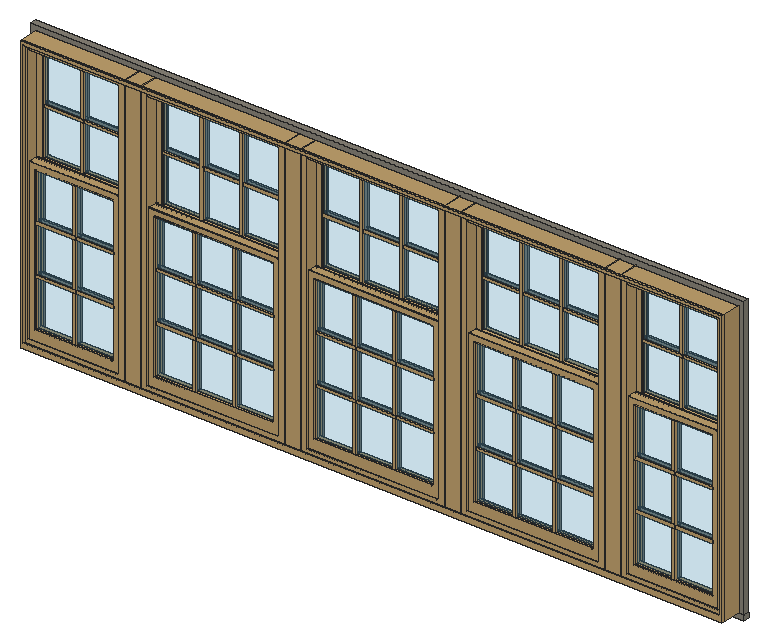
Revit family
Parameters (values of type "CUDH-NG3024/36")
  Window Type = "Clad Ultimate Double Hung-NG Cottage Style"
  Width Side Unit = Nominal Width Side Unit - 0' 0 3/4"  # 2' - 1 1/4"
  Width Center Unit = Nominal Width Center Unit - 0' 0 3/4"  # 2' - 11 1/4"
  Width Center = if(Mulled Units > 3, (Center Mulled Units Array * Center Width) + ((Center Mulled Units Array - 1) * Mull Space), if(Mulled Units = 3, Center Width, -Mull Space))  # 9' - 5 3/4"
  Void Offset_S = if(Subsill A217 Visibility, 0' 1 11/32", if(Subsill A246 Visibility, 0' 0 9/16", 0' 0"))  # 0' - 1 11/32"
  Void Offset = if(Flat Casing Visibility, 0' 3", if(BMC Visibility, 0' 1 5/16", 0' 0"))  # 0' - 1 5/16"
  Side Width = if(Standard Marvin Widths, Standard Width Side Unit, Width Side Unit)  # 2' - 1 1/4"
  Standard Width Side Unit = Calc_Width Side  # 2' - 1 1/4"
  Standard Glass Height = not(Custom Glass Height)  # yes
  Mulled Units Array = if(Mulled Units < 2, 2, Mulled Units)  # 5
  Mull Space Units = if(Mulled Units < 3, 2, (Mulled Units - 1))  # 4
  Mull Space Single Visibility = and(Mulled Units Array = 2, Mull Space > 0' 0 1/32")  # no
  Mull Space Array Visibility = and(Mulled Units Array > 2, Mull Space > 0' 0 1/32")  # yes
  Model Side CUDH-NG####/## = Glass Width Side_Calc * 10000 + Glass Top Sash * 100 + Glass Bottom Sash  # 202436
  Model Center CUDH-NG####/## = Glass Width Center_Calc * 10000 + Glass Top Sash * 100 + Glass Bottom Sash  # 302436
  Glass Width Side_Calc = (DLO Width Side + 0' 1 1/4") * 12 / 1' 0"  # 20
  Glass Width Center_Calc = (DLO Width Center + 0' 1 1/4") * 12 / 1' 0"  # 30
  Glass Top_Calc = Glass Height_Calc * Actual Ratio  # 24
  Glass Top Sash = if(Glass Top_Calc < 13, 12, if(Glass Top_Calc < 15, 14, if(Glass Top_Calc < 17, 16, if(Glass Top_Calc < 19, 18, if(Glass Top_Calc < 21, 20, if(Glass Top_Calc < 23, 22, if(Glass Top_Calc < 25, 24, if(Glass Top_Calc < 27, 26, if(Glass Top_Calc < 29, 28, if(Glass Top_Calc < 31, 30, if(Glass Top_Calc < 33, 32, if(Glass Top_Calc < 35, 34, if(Glass Top_Calc < 38, 36, if(Glass Top_Calc < 41, 40, if(Glass Top_Calc < 46, 42, if(Glass Top_Calc < 53, 50, 56))))))))))))))))  # 24
  Glass Height_Calc = (DLO Height + 0' 2 1/2") * 12 / 1' 0"  # 60
  Glass Height Top Sash = Glass Top Sash / 12 * 1' 0"  # 2' - 0"
  Glass Height Bottom Sash = Glass Bottom Sash / 12 * 1' 0"  # 3' - 0"
  Glass Bottom Sash = Glass Height_Calc - Glass Top Sash  # 36
  Description_Side = Calc_Side * 100 + (Nominal Height * 12 / 1' 0")  # 2668
  Description_Center = Calc_Center * 100 + (Nominal Height * 12 / 1' 0")  # 3668
  Custom Glass Height = no
  Note to User_Custom Ratio = "Enter number between 0.10 and 0.90"  # constant formula
  Custom Ratio = 0.4
  Calc_Side = Calc_Width Side * 12 / 1' 0" + 1  # 26
  Calc_Center = Calc_Width Center * 12 / 1' 0" + 1  # 36
  C_Ratio Constraint = if(Custom Ratio < 0.1, 0.1, if(Custom Ratio > 0.9, 0.9, Custom Ratio))  # 0.4
  Actual Ratio = if(Option Choice = 1, 0.4, if(Option Choice = 2, 0.6, C_Ratio Constraint))  # 0.4
  Cottage (0.40) Option 1 = Option Choice = 1  # yes
  Reverse Cottage (0.60) Option 2 = Option Choice = 2  # no
  Custom Ratio Option 3 = Option Choice = 3  # no
  Note to User_Option Choice = "Enter Option Choice 1-3"  # constant formula
  Option Choice = 1
  Option Choice Constraint = if(Option Choice > 3, 3, if(Option Choice < 1, 1, Option Choice))  # 1
  Muntins Interior Center Single = and(Muntins Interior Visibility, Center Single Visibility)  # no
  Muntins Interior Center Array = and(Muntins Interior Visibility, Center Array Visibility)  # yes
  Muntins Exterior Center Single = and(Muntins Exterior Visibility, Center Single Visibility)  # no
  Muntins Exterior Center Array = and(Muntins Exterior Visibility, Center Array Visibility)  # yes
  Lites Wide Top Sash Side = 2
  Lites Wide Top Sash Center = 3
  Lites Wide Bottom Sash Side = 2
  Lites Wide Bottom Sash Center = 3
  Label_Center Visibility = and(Label Visibility, Center Units > 0)  # no
  Label Egress Side = if(and(and(Clear Opening Width Side > 1' 8", Clear Opening Height > 2' 0"), Egress Area Side > 5.70 SF), "EGRESS WDW", "")  # ""
  Egress Area Center = Clear Opening Width Center * Clear Opening Height  # 4.97377 SF
  Clear Opening Width Side = DLO Width Side + 0' 2 29/32"  # 1' - 9 21/32"
  Egress Area Side = Clear Opening Width Side * Clear Opening Height  # 3.40259 SF
  Center Width = if(Standard Marvin Widths, Standard Width Center Unit, Width Center Unit)  # 2' - 11 1/4"
  Standard Width Center Unit = Calc_Width Center  # 2' - 11 1/4"
  Standard Marvin Widths = yes
  Side Units = 2  # constant formula
  Nominal Width Side Unit = 2' - 2"
  Nominal Width Center Unit = 3' - 0"
  Mulled Units = 5
  Interior Material = Wood-Marvin-Pine
  Frame = "Aluminum Clad"
  Egress Window = if(or(and(and(Clear Opening Width Center > 1' 8", Clear Opening Height > 2' 0"), Egress Area Center > 5.70 SF), and(and(Clear Opening Width Side > 1' 8", Clear Opening Height > 2' 0"), Egress Area Side > 5.70 SF)), "Yes", "No")  # "No"
  Disclaimer line1 [instance] = "Verify assembly availability"  # constant formula
  Disclaimer line2 [instance] = "with a Marvin representative"  # constant formula
  DLO Width Side = Side Width - 0' 6 1/2"  # 1' - 6 3/4"
  Clear Opening Width Center = DLO Width Center + 0' 2 29/32"  # 2' - 7 21/32"
  Clear Opening Height = if(DLO Height Top Sash < DLO Height Bottom Sash, DLO Height Top Sash - 0' 0 1/8", DLO Height Bottom Sash - 0' 0 1/8")  # 1' - 10 5/8"
  URL = "www.marvin.com"
  Subsill Height = if(Subsill A217 Visibility, 0' 1 11/32", 0' 0 9/16")  # 0' - 1 11/32"
  Subsill A246 Visibility = and(Subsill Visibility, Subsill A246)  # no
  Subsill A217 Visibility = and(Subsill Visibility, Subsill A217)  # yes
  Space = if(Mull Space > 0' 0 1/32", Mull Space, 0' 0 1/32")  # 0' - 4"
  Prairie Corner Width = 0' - 4"
  Prairie Corner Height = 0' - 4"
  Nominal Height = 5' - 8"
  Muntins Interior Finish = Wood-Marvin-Pine
  Muntins Exterior Finish = Aluminum-Marvin-Bronze
  Center Units = Mulled Units - Side Units  # 3
  Center Single Visibility = Mulled Units = 3  # no
  Center Mulled Units Array = if(Center Units < 2, 2, Center Units)  # 3
  Center Mull Space Units = if(Mulled Units < 3, 2, Mulled Units - 1)  # 4
  Mull Space = 0' - 4"
  Model = "CUDH-NG3024/36"
  Manufacturer = "Marvin Windows and Doors"
  Lites High Top Sash = 2
  Lites High Bottom Sash = 3
  Lite Cut Prairie 9 = no
  Lite Cut HV Grid = not(Lite Cut Prairie 9)  # yes
  Label Visibility = no
  Label Egress Center = if(and(and(Clear Opening Width Center > 1' 8", Clear Opening Height > 2' 0"), Egress Area Center > 5.70 SF), "EGRESS WDW", "")  # ""
  Glazing Material = Glass-Marvin-IG Low E II with Argon
  Glass Type = "IG Low E II with Argon"
  Flat Casing Visibility = and(Casing Visibility, Flat Casing)  # no
  Family created by = "www.rbuiltcomponents.com"
  Rough Width = Width + 0' 1"  # 14' - 5 1/4"
  Rough Height = Height + 0' 0 1/2"  # 5' - 8"
  Muntins Interior Visibility = yes
  Muntins Exterior Visibility = yes
  Jamb Extension Visibility = yes
  Inset to Installation Flange [instance] = 0' - 1"
  Height = Nominal Height - 0' 0 1/2"  # 5' - 7 1/2"
  Design Pressure = "DP50"
  Description = "3668 DBHG CTTG"
  Default Head Height = 8' - 0"
  Wall Closure = (empty or 0)
  Width = Width Center + 2 * (Side Width + Mull Space)  # 14' - 4 1/4"
  Daylight Area = (DLO Width Center * DLO Height * Center Units) + (DLO Width Side * DLO Height * 2)  # 49.4141 SF
  DLO Width Center = Center Width - 0' 6 1/2"  # 2' - 4 3/4"
  DLO Height Top Sash = if(Standard Glass Height, Glass Height Top Sash - 0' 1 1/4", DLO Height * C_Ratio Constraint)  # 1' - 10 3/4"
  DLO Height Bottom Sash = DLO Height - DLO Height Top Sash  # 2' - 10 3/4"
  DLO Height = Height - 0' 10"  # 4' - 9 1/2"
  Cladding Material = Aluminum-Marvin-Bronze
  Center_Center = Center Width / 2  # 1' - 5 5/8"
  Center Array Visibility = Mulled Units > 3  # yes
  Calc_Width Center = if(Width Center Unit < 2' 0", 1' 9 1/4", if(Width Center Unit < 2' 4", 2' 1 1/4", if(Width Center Unit < 2' 7", 2' 5 1/4", if(Width Center Unit < 2' 9", 2' 7 1/4", if(Width Center Unit < 2' 11", 2' 9 1/4", if(Width Center Unit < 3' 1", 2' 11 1/4", if(Width Center Unit < 3' 4", 3' 1 1/4", if(Width Center Unit < 3' 7", 3' 5 1/4", if(Width Center Unit < 3' 11", 3' 9 1/4", if(Width Center Unit < 4' 4", 4' 1 1/4", if(Width Center Unit < 4' 9", 4' 5 1/4", 4' 11 1/4")))))))))))  # 2' - 11 1/4"
  Calc_Width Side = if(Width Side Unit < 2' 0", 1' 9 1/4", if(Width Side Unit < 2' 4", 2' 1 1/4", if(Width Side Unit < 2' 7", 2' 5 1/4", if(Width Side Unit < 2' 9", 2' 7 1/4", if(Width Side Unit < 2' 11", 2' 9 1/4", if(Width Side Unit < 3' 1", 2' 11 1/4", if(Width Side Unit < 3' 4", 3' 1 1/4", if(Width Side Unit < 3' 7", 3' 5 1/4", if(Width Side Unit < 3' 11", 3' 9 1/4", if(Width Side Unit < 4' 4", 4' 1 1/4", if(Width Side Unit < 4' 9", 4' 5 1/4", 59' 3")))))))))))  # 2' - 1 1/4"
  BMC Visibility = and(Casing Visibility, BMC)  # yes
  Assembly Code = ""
  Casing Visibility = yes
  BMC = yes
  Flat Casing = not(BMC)  # no
  Subsill Visibility = yes
  Subsill A246 = no
  Subsill A217 = not(Subsill A246)  # yes
Reference planes (in)
  plane 1 "Center (Front/Back)": y = 0
  plane 2: z = 0
  plane 3 "Center (Left/Right)": x = -2.0625
  plane 4 "Sill": z = 28.5
  plane 5 "Top": z = 96
  plane 6: x = -41.3125
  plane 7: x = 37.1875
  plane 8 "L_Center": x = -58.9375
  plane 9 "R_Center": x = 54.8125
  plane 10 "Inset": y = 2
  plane 11 "Jamb Ext face": y = -2.5625
  plane 12 "Glazing": y = 1.4375
  plane 13: z = 92.78125
  plane 14: z = 33.34375
  plane 15: z = 70.03125
  plane 16: z = 68.15625
  plane 17: z = 81.40625
  plane 18: z = 50.75
  plane 19 "Glazing 2": y = -0.8125
  plane 20: y = -2.59375
  plane 21: x = 85.375
  plane 22: x = -89.5
  plane 23: z = 97.3125
  plane 24: z = 27.15625
  plane 25: y = 0.46875
  plane 26: y = -1.78125
  plane 27 "Left": x = -88.1875
  plane 28 "Right": x = 84.0625
  plane 29: x = -62.9375
  plane 30: x = 58.8125
  plane 31: x = -75.5625
  plane 32: x = 71.4375
Forms (in)
  Extrusion 1, solid, material "Wood-Marvin-Pine" <- "Interior Material", visible <- "Jamb Extension Visibility", detail levels medium+fine
    sketch origin (0, -2.5625, 0) x (1, 0, 0) y (0, 0, 1)
      loop
        line (-88.1875, 96) -> (-88.1875, 28.5) -> (84.0625, 28.5) -> (84.0625, 96) -> (-88.1875, 96)
      loop
        line (-87.5, 95.3125) -> (-87.5, 29.8125) -> (83.375, 29.8125) -> (83.375, 95.3125) -> (-87.5, 95.3125)
    from 0.03125 to 0.4375
  Extrusion 2, void
    sketch origin (0, 0, 0) x (1, 0, 0) y (0, 1, 0)
      loop
        line (-88.1875, 2) -> (-88.1875, -3) -> (84.0625, -3) -> (84.0625, 2) -> (-88.1875, 2)
    from 28.5 to 96
  Extrusion 3, void
    sketch origin (0, 0, 0) x (1, 0, 0) y (0, 1, 0)
      loop
        line (-89.5, 3.125) -> (-89.5, 2) -> (85.375, 2) -> (85.375, 3.125) -> (-89.5, 3.125)
    from 27.15625 to 97.3125
Lines and regions (in)
  Masking region 1, visible <- "Jamb Extension Visibility"
    outline origin (0, 0, 28.5) x (0, -1, 0) y (1, 0, 0)
      loop
        line (2.59375, -88.1875) -> (3, -88.1875) -> (3, 84.0625) -> (2.59375, 84.0625) -> (2.59375, -88.1875)
  Masking region 2
    outline origin (-2.0625, 0, 0) x (0, 1, 0) y (0, 0, 1)
      loop
        line (3.09375, 96) -> (-2.5625, 96) -> (-2.5625, 28.5) -> (3.09375, 28.5) -> (3.09375, 96)
  Masking region 3, visible <- "Jamb Extension Visibility"
    outline origin (-2.0625, 0, 0) x (0, 1, 0) y (0, 0, 1)
      loop
        line (-2.59375, 96) -> (-3, 96) -> (-3, 28.5) -> (-2.59375, 28.5) -> (-2.59375, 96)
  symbolic lines, style "WindowsFrameMullionProjection", detail levels coarse+medium
    curve 1: line (0, 3.09375, 96) -> (0, 3.09375, 95.31314)
    curve 2: line (0, 3.09375, 95.31314) -> (0, -2.5625, 95.31314)
    curve 3: line (0, -2.5625, 95.31314) -> (0, -2.5625, 96)
    curve 4: line (0, 3.09375, 28.5) -> (0, 3.09375, 29.0889)
    curve 5: line (0, 3.09375, 29.0889) -> (0, -1.3125, 30.1875)
    curve 6: line (0, -2.5625, 30.1875) -> (0, -2.5625, 28.5)
    curve 7: line (0, -1.3125, 30.1875) -> (0, -2.5625, 30.1875)
    curve 8: line (0, -0.46875, 33.34375) -> (0, -0.46875, 68.15625)
    curve 9: line (0, -2.21875, 33.34375) -> (0, -2.21875, 68.15625)
    curve 10: line (0, -0.46875, 29.97713) -> (0, -0.46875, 33.34375)
    curve 11: line (0, -0.46875, 33.34375) -> (0, -2.21875, 33.34375)
    curve 12: line (0, -2.21875, 33.34375) -> (0, -2.21875, 30.1875)
    curve 13: line (0, -0.46875, 68.15625) -> (0, -0.46875, 68.28125)
    curve 14: line (0, -0.1875, 69.8125) -> (0, -2.21875, 69.8125)
    curve 15: line (0, -2.21875, 69.8125) -> (0, -2.21875, 68.15625)
    curve 16: line (0, -0.46875, 68.15625) -> (0, -2.21875, 68.15625)
    curve 18: line (0, 1.78125, 70.03125) -> (0, 1.78125, 92.78125)
    curve 19: line (0, 0.03125, 92.78125) -> (0, 0.03125, 70.03125)
    curve 20: line (0, 1.78125, 95.31314) -> (0, 1.78125, 92.78125)
    curve 21: line (0, 0.03125, 92.78125) -> (0, 0.03125, 95.31314)
    curve 22: line (0, 0.03125, 92.78125) -> (0, 1.78125, 92.78125)
    curve 23: line (0, 1.78125, 70.03125) -> (0, 0.03125, 70.03125)
    curve 24: line (0, 0.03125, 70.03125) -> (0, 0.03125, 69.81224)
    curve 25: line (0, -0.09375, 68.28125) -> (0, 1.78125, 68.28125)
    curve 26: line (0, 1.78125, 68.28125) -> (0, 1.78125, 70.03125)
    curve 28: line (0, -0.09375, 68.28125) -> (0, -0.09375, 69.81224)
    curve 29: line (0, -0.09375, 69.81224) -> (0, 0.03125, 69.81224)
    curve 30: line (0, -0.1875, 68.28125) -> (0, -0.1875, 69.8125)
    curve 31: line (0, -0.1875, 68.28125) -> (0, -0.46875, 68.28125)
    curve 48: line (-2.0625, -3, 28.5) -> (-2.0625, 3.09375, 28.5)
    curve 49: line (-2.0625, -3, 96) -> (-2.0625, 3.09375, 96)
  symbolic lines, style "WindowsGlassProjection", detail levels coarse+medium
    curve 17: line (0, -1.34375, 68.15625) -> (0, -1.34375, 33.34375)
    curve 27: line (0, 0.90625, 70.03125) -> (0, 0.90625, 92.78125)
  symbolic lines, style "WindowsFrameMullionProjection", visible <- "Jamb Extension Visibility", detail levels coarse+medium
    curve 32: line (-2.0625, -2.59375, 29.8125) -> (-2.0625, -3, 29.8125)
    curve 33: line (-2.0625, -3, 29.8125) -> (-2.0625, -3, 28.5)
    curve 36: line (-2.0625, -2.59375, 95.3125) -> (-2.0625, -3, 95.3125)
    curve 37: line (-2.0625, -3, 95.3125) -> (-2.0625, -3, 96)
    curve 40: line (-88.1875, -3, 0) -> (-87.5, -3, 0)
    curve 41: line (-87.5, -3, 0) -> (-87.5, -2.59375, 0)
    curve 44: line (84.0625, -3, 0) -> (83.375, -3, 0)
    curve 45: line (83.375, -3, 0) -> (83.375, -2.59375, 0)
  symbolic lines, style "Jamb Extension", visible <- "Jamb Extension Visibility", detail levels fine
    curve 34: line (-2.0625, -2.59375, 29.8125) -> (-2.0625, -3, 29.8125)
    curve 35: line (-2.0625, -3, 29.8125) -> (-2.0625, -3, 28.5)
    curve 38: line (-2.0625, -2.59375, 95.3125) -> (-2.0625, -3, 95.3125)
    curve 39: line (-2.0625, -3, 95.3125) -> (-2.0625, -3, 96)
    curve 42: line (-88.1875, -3, 0) -> (-87.5, -3, 0)
    curve 43: line (-87.5, -3, 0) -> (-87.5, -2.59375, 0)
    curve 46: line (84.0625, -3, 0) -> (83.375, -3, 0)
    curve 47: line (83.375, -3, 0) -> (83.375, -2.59375, 0)
Text (in)
  text "EXTERIOR" at (-58.6888, 50.90694, 0), in view "Ref. Level"
  text "INTERIOR" at (-58.6888, -37.76638, 0), in view "Ref. Level"
  text "Exterior" at (0, 43.65631, 123.19604), in view "Left"
  text "Exterior" at (0, 18.29385, 125.04747), in view "Right"
Dimensions and locks (in)
  "Height": plane 4 "Sill" to plane 5 "Top"
  "Default Head Height": plane 2 to plane 5 "Top"
  "Width": plane 27 "Left" to plane 28 "Right"
  "Inset to Installation Flange": plane 10 "Inset" to host wall
  locked: plane 11 "Jamb Ext face" to plane 10 "Inset" at 4.5625
  nested 1 to host wall = 1' - 0"
  "Center_Center": plane 8 "L_Center" to plane 6
  "Center_Center": plane 7 to plane 9 "R_Center"
  locked: plane 12 "Glazing" to plane 10 "Inset" at 0.5625
  equal spacing: plane 27 "Left", plane 3 "Center (Left/Right)", plane 28 "Right"
  equal spacing: group 1, group 3, group 4, group 2  (x3)
  locked: plane 13 to plane 5 "Top" at 3.21875
  locked: plane 4 "Sill" to plane 14 at 4.84375
  "DLO Height Top Sash": plane 15 to plane 13
  locked: plane 16 to plane 15 at 1.875
  equal spacing: plane 15, plane 17, plane 13
  equal spacing: plane 14, plane 18, plane 16
  locked: plane 19 "Glazing 2" to plane 10 "Inset" at 2.8125
  locked: plane 5 "Top" to Extrusion 1 sketch curve at 0.6875
  locked: Extrusion 1 sketch curve to plane 28 "Right" at 0.6875
  locked: Extrusion 1 sketch curve to plane 27 "Left" at 0.6875
  locked: Extrusion 1 sketch curve to plane 4 "Sill" at 1.3125
  locked: plane 20 to plane 11 "Jamb Ext face" at 0.03125
  "Void Offset": plane 22 to plane 27 "Left"
  "Void Offset": plane 28 "Right" to plane 21
  "Void Offset": plane 5 "Top" to plane 23
  "Void Offset_S": plane 24 to plane 4 "Sill"
  locked: Extrusion 3 sketch curve to host wall at 0.125
  locked: plane 25 to plane 12 "Glazing" at 0.96875
  locked: plane 26 to plane 19 "Glazing 2" at 0.96875
  locked: curve 49 to plane 10 "Inset" at 1.09375
  locked: curve 48 to plane 10 "Inset" at 1.09375
  "Mull Space": plane 29 to plane 8 "L_Center"
  "Mull Space": plane 9 "R_Center" to plane 30
  equal spacing: plane 27 "Left", plane 31, plane 29
  equal spacing: plane 30, plane 32, plane 28 "Right"
  "Side Width": plane 27 "Left" to plane 29
  "Side Width": plane 30 to plane 28 "Right"
  equal spacing: group 5, group 7, group 6  (x3)
  equal spacing: group 8, group 10, group 9  (x2)
  equal spacing: group 9, group 10, group 8
  equal spacing: group 11, group 13, group 12  (x3)
  aligned and locked: plane 3 "Center (Left/Right)" to nested 1
  aligned and locked: plane 10 "Inset" to nested 2
  aligned and locked: plane 6 to nested 2
  aligned and locked: nested 4 to plane 6
  aligned and locked: plane 6 to nested 3
  aligned and locked: plane 10 "Inset" to nested 5
  aligned and locked: plane 4 "Sill" to nested 5
  aligned and locked: plane 10 "Inset" to nested 6
  aligned and locked: plane 4 "Sill" to nested 6
  aligned and locked: Masking region 1 sketch curve to host wall
  aligned and locked: plane 6 to nested 8
  aligned and locked: plane 10 "Inset" to nested 8
  aligned and locked: nested 8 to plane 4 "Sill"
  aligned and locked: nested 4 to plane 17
  aligned and locked: plane 17 to nested 3
  aligned and locked: nested 7 to plane 5 "Top"
  aligned and locked: curve 6 to plane 11 "Jamb Ext face"
  aligned and locked: plane 14 to curve 11
  aligned and locked: curve 23 to plane 15
  aligned and locked: curve 16 to plane 16
  aligned and locked: plane 11 "Jamb Ext face" to curve 3
  aligned and locked: curve 22 to plane 13
  aligned and locked: plane 5 "Top" to Masking region 2 sketch curve
  aligned and locked: Masking region 2 sketch curve to plane 4 "Sill"
  aligned and locked: Masking region 2 sketch curve to plane 11 "Jamb Ext face"
  aligned and locked: Extrusion 1 sketch curve to plane 5 "Top"
  aligned and locked: Extrusion 1 sketch curve to plane 4 "Sill"
  aligned and locked: host wall to Extrusion 1
  aligned and locked: plane 5 "Top" to Masking region 3 sketch curve
  aligned and locked: Masking region 3 sketch curve to plane 4 "Sill"
  aligned and locked: plane 20 to Masking region 3 sketch curve
  aligned and locked: Masking region 3 sketch curve to host wall
  aligned and locked: curve 32 to Extrusion 1
  aligned and locked: Extrusion 1 to curve 32
  aligned and locked: curve 34 to Extrusion 1
  aligned and locked: host wall to curve 35
  aligned and locked: Extrusion 1 to curve 38
  aligned and locked: curve 38 to Extrusion 1
  aligned and locked: Extrusion 1 to curve 41
  aligned and locked: Extrusion 1 to curve 43
  aligned and locked: Extrusion 1 to curve 45
  aligned and locked: Extrusion 1 to curve 47
  aligned and locked: Extrusion 1 to plane 20
  aligned and locked: plane 20 to Masking region 1 sketch curve
  aligned and locked: plane 3 "Center (Left/Right)" to nested 9
  aligned and locked: plane 10 "Inset" to nested 9
  aligned and locked: nested 9 to plane 4 "Sill"
  aligned and locked: plane 10 "Inset" to Extrusion 2 sketch curve
  aligned and locked: Extrusion 2 sketch curve to host wall
  aligned and locked: Extrusion 2 to plane 5 "Top"
  aligned and locked: Extrusion 2 to plane 4 "Sill"
  aligned and locked: plane 22 to Extrusion 3 sketch curve
  aligned and locked: Extrusion 3 sketch curve to plane 21
  aligned and locked: Extrusion 3 sketch curve to plane 10 "Inset"
  aligned and locked: Extrusion 3 to plane 23
  aligned and locked: plane 24 to Extrusion 3
  aligned and locked: Masking region 2 sketch curve to nested 7
  aligned and locked: curve 21 to nested 7
  aligned and locked: curve 20 to nested 7
  aligned and locked: curve 1 to nested 7
  aligned and locked: curve 26 to nested 7
  aligned and locked: nested 7 to curve 25
  aligned and locked: curve 15 to nested 7
  aligned and locked: curve 14 to nested 7
  aligned and locked: curve 13 to nested 7
  aligned and locked: curve 29 to nested 7
  aligned and locked: curve 28 to nested 7
  aligned and locked: curve 30 to nested 7
  aligned and locked: curve 31 to nested 7
  aligned and locked: curve 10 to nested 7
  aligned and locked: curve 12 to nested 7
  aligned and locked: curve 7 to nested 7
  aligned and locked: curve 5 to nested 7
  aligned and locked: nested 7 to curve 4
  aligned and locked: plane 12 "Glazing" to nested 4
  aligned and locked: plane 25 to nested 3
  aligned and locked: nested 7 to plane 10 "Inset"
  aligned and locked: plane 5 "Top" to curve 49
  aligned and locked: curve 2 to nested 7
  aligned and locked: plane 27 "Left" to nested 10
  aligned and locked: plane 10 "Inset" to nested 10
  aligned and locked: plane 28 "Right" to nested 11
  aligned and locked: nested 11 to plane 10 "Inset"
  aligned and locked: Extrusion 2 sketch curve to plane 28 "Right"
  aligned and locked: plane 27 "Left" to Extrusion 2 sketch curve
  aligned and locked: plane 17 to nested 12
  aligned and locked: nested 12 to nested 3
  aligned and locked: plane 12 "Glazing" to nested 13
  aligned and locked: nested 13 to plane 31
  aligned and locked: nested 13 to plane 17
  aligned and locked: nested 14 to plane 31
  aligned and locked: nested 14 to plane 18
  aligned and locked: plane 31 to nested 15
  aligned and locked: plane 18 to nested 15
  aligned and locked: plane 19 "Glazing 2" to nested 14
  aligned and locked: nested 17 to plane 32
  aligned and locked: nested 18 to plane 32
  aligned and locked: plane 17 to nested 17
  aligned and locked: plane 18 to nested 18
  aligned and locked: plane 32 to nested 16
  aligned and locked: plane 32 to nested 19
  aligned and locked: nested 16 to plane 17
  aligned and locked: nested 19 to plane 18
  aligned and locked: nested 17 to plane 12 "Glazing"
  aligned and locked: nested 18 to plane 19 "Glazing 2"
  aligned and locked: plane 32 to nested 20
  aligned and locked: plane 10 "Inset" to nested 20
  aligned and locked: plane 31 to nested 21
  aligned and locked: nested 21 to plane 10 "Inset"
  aligned and locked: Extrusion 1 sketch curve to plane 28 "Right"
  aligned and locked: plane 27 "Left" to Extrusion 1 sketch curve
  aligned and locked: plane 27 "Left" to Masking region 1 sketch curve
  aligned and locked: Masking region 1 sketch curve to plane 28 "Right"
  aligned and locked: curve 46 to Masking region 1
  aligned and locked: curve 42 to Masking region 1
  aligned and locked: plane 31 to nested 12
  aligned and locked: plane 29 to nested 5
  aligned and locked: plane 30 to nested 6
  aligned and locked: plane 31 to nested 22
  aligned and locked: nested 23 to nested 1
  aligned and locked: plane 32 to nested 23
  aligned and locked: nested 22 to nested 1
  aligned and locked: plane 3 "Center (Left/Right)" to nested 26
  aligned and locked: plane 3 "Center (Left/Right)" to nested 29
  aligned and locked: plane 10 "Inset" to nested 26
  aligned and locked: plane 10 "Inset" to nested 29
  aligned and locked: nested 29 to plane 4 "Sill"
  aligned and locked: nested 28 to plane 3 "Center (Left/Right)"
  aligned and locked: nested 30 to plane 3 "Center (Left/Right)"
  aligned and locked: nested 30 to plane 18
  aligned and locked: nested 28 to plane 17
  aligned and locked: plane 3 "Center (Left/Right)" to nested 27
  aligned and locked: plane 3 "Center (Left/Right)" to nested 31
  aligned and locked: plane 18 to nested 31
  aligned and locked: plane 17 to nested 27
  aligned and locked: plane 12 "Glazing" to nested 28
  aligned and locked: plane 25 to nested 27
  aligned and locked: plane 19 "Glazing 2" to nested 30
  aligned and locked: plane 26 to nested 31
  aligned and locked: nested 32 to plane 7
  aligned and locked: nested 33 to plane 7
  aligned and locked: plane 10 "Inset" to nested 32
  aligned and locked: plane 10 "Inset" to nested 33
  aligned and locked: nested 33 to plane 4 "Sill"
  aligned and locked: plane 12 "Glazing" to nested 37
  aligned and locked: plane 25 to nested 36
  aligned and locked: plane 7 to nested 37
  aligned and locked: nested 37 to plane 17
  aligned and locked: nested 36 to plane 7
  aligned and locked: plane 17 to nested 36
  aligned and locked: nested 40 to plane 6
  aligned and locked: nested 40 to plane 18
  aligned and locked: plane 6 to nested 41
  aligned and locked: plane 18 to nested 41
  aligned and locked: plane 19 "Glazing 2" to nested 40
  aligned and locked: plane 26 to nested 41
  aligned and locked: plane 19 "Glazing 2" to nested 42
  aligned and locked: plane 26 to nested 43
  aligned and locked: plane 7 to nested 42
  aligned and locked: nested 42 to plane 18
  aligned and locked: nested 43 to plane 7
  aligned and locked: plane 18 to nested 43
  aligned and locked: nested 19 to plane 26
  aligned and locked: plane 26 to nested 15
  aligned and locked: plane 25 to nested 12
  aligned and locked: nested 16 to plane 25
  aligned and locked: plane 29 to nested 46
  aligned and locked: plane 10 "Inset" to nested 46
  aligned and locked: nested 46 to plane 5 "Top"
Automatic sketch dimensions
  curve 4 to plane 4 "Sill" = 0' - 0"
  curve 6 to plane 4 "Sill" = 0' - 0"
  curve 1 to plane 5 "Top" = 0' - 0"
  curve 3 to plane 5 "Top" = 0' - 0"
  plane 19 "Glazing 2" to curve 17 = 0' - 0 17/32"
  plane 12 "Glazing" to curve 27 = 0' - 0 17/32"
  curve 37 to host wall = 0' - 0"
  curve 34 to plane 20 = 0' - 0"
  curve 40 to plane 27 "Left" = 0' - 0"
  curve 44 to plane 28 "Right" = 0' - 0"
  plane 27 "Left" to curve 41 = 0' - 0 11/16"
  curve 47 to plane 28 "Right" = 0' - 0 11/16"
  plane 4 "Sill" to curve 48 = 0' - 0"
Nested families (in)
  nested 1: "Label Annotation 1-16 w3" at (-2.0625, 15, 0), visible <- "Label_Center Visibility", type "Label Annotation 1-16 w3"
  nested 2: "Plan_Detail" at (-41.3125, 2, 0), visible <- "Center Array Visibility", type "Plan_Detail", detail levels fine
  nested 3: "Muntins" at (-41.3125, 0.46875, 34.03125), visible <- "Muntins Interior Center Array", Muntin Material <- "Muntins Interior Finish", type "Muntins"
    with MuntinDepth 0' - 0 5/16", Muntin Material Wood-Marvin-Pine
  nested 4: "Muntins" at (-41.3125, 1.4375, 34.03125), Muntin Material <- "Muntins Exterior Finish", visible <- "Muntins Exterior Center Array", type "Muntins"
    with MuntinDepth 0' - 0 5/16", Muntin Material Aluminum-Marvin-Bronze
  nested 5: "Mull Space" at (-60.9375, 2, 0), visible <- "Mull Space Array Visibility", type "Mull Space"
  nested 6: "Mull Space" at (56.8125, 2, 0), visible <- "Mull Space Array Visibility", type "Mull Space"
  nested 7: "Double_Hung_Section_Detail" at (-2.0625, 2, 64.25) x (0, 1, 0) z (1, 0, 0), type "Double_Hung_Section_Detail", detail levels fine
  nested 8: "Double_Hung-Marvin-Cottage_Style-Clad_Ultimate" at (-41.3125, 2, 0), visible <- "Center Array Visibility", type "Center Unit"
  nested 9: "Casing_Clad" at (-2.0625, 2, 28.5), type "Casing_Clad"
  nested 10: "Double_Hung-Marvin-Cottage_Style-Clad_Ultimate" at (-75.5625, 2, 0), type "Side Unit"
  nested 11: "Double_Hung-Marvin-Cottage_Style-Clad_Ultimate" at (71.4375, 2, 0) x (-1, 0, 0) z (0, 0, 1), type "Side Unit"
  nested 12: "Muntins" at (-75.5625, 0.46875, 34.03125), Muntin Material <- "Muntins Interior Finish", visible <- "Muntins Interior Visibility", type "Muntins 3"
    with MuntinDepth 0' - 0 3/8", Muntin Material Wood-Marvin-Pine
  nested 13: "Muntins" at (-75.5625, 1.4375, 34.03125), Muntin Material <- "Muntins Exterior Finish", visible <- "Muntins Exterior Visibility", type "Muntins 3"
    with MuntinDepth 0' - 0 3/8", Muntin Material Aluminum-Marvin-Bronze
  nested 14: "Muntins" at (-75.5625, -0.8125, -2.625), Muntin Material <- "Muntins Exterior Finish", visible <- "Muntins Exterior Visibility", type "Muntins 4"
    with MuntinDepth 0' - 0 3/8", Muntin Material Aluminum-Marvin-Bronze
  nested 15: "Muntins" at (-75.5625, -1.78125, -2.625), Muntin Material <- "Muntins Interior Finish", visible <- "Muntins Interior Visibility", type "Muntins 4"
    with MuntinDepth 0' - 0 3/8", Muntin Material Wood-Marvin-Pine
  nested 16: "Muntins" at (71.4375, 0.46875, 34.03125) x (-1, 0, 0) z (0, 0, 1), Muntin Material <- "Muntins Interior Finish", visible <- "Muntins Interior Visibility", type "Muntins 3"
    with MuntinDepth 0' - 0 3/8", Muntin Material Wood-Marvin-Pine
  nested 17: "Muntins" at (71.4375, 1.4375, 34.03125) x (-1, 0, 0) z (0, 0, 1), Muntin Material <- "Muntins Exterior Finish", visible <- "Muntins Exterior Visibility", type "Muntins 3"
    with MuntinDepth 0' - 0 3/8", Muntin Material Aluminum-Marvin-Bronze
  nested 18: "Muntins" at (71.4375, -0.8125, -2.625) x (-1, 0, 0) z (0, 0, 1), Muntin Material <- "Muntins Exterior Finish", visible <- "Muntins Exterior Visibility", type "Muntins 4"
    with MuntinDepth 0' - 0 3/8", Muntin Material Aluminum-Marvin-Bronze
  nested 19: "Muntins" at (71.4375, -1.78125, -2.625) x (-1, 0, 0) z (0, 0, 1), Muntin Material <- "Muntins Interior Finish", visible <- "Muntins Interior Visibility", type "Muntins 4"
    with MuntinDepth 0' - 0 3/8", Muntin Material Wood-Marvin-Pine
  nested 20: "Plan_Detail" at (71.4375, 2, 0), type "Plan_Detail 2", detail levels fine
  nested 21: "Plan_Detail" at (-75.5625, 2, 0) x (-1, 0, 0) z (0, 0, 1), type "Plan_Detail 2", detail levels fine
  nested 22: "Label Annotation 1-16 w7" at (-75.5625, 15, 0), visible <- "Label Visibility", type "Label Annotation 1-16 w7"
  nested 23: "Label Annotation 1-16 w7" at (71.4375, 15, 0) x (-1, 0, 0) z (0, 0, 1), visible <- "Label Visibility", type "Label Annotation 1-16 w7"
  nested 24: "Mull Space" at (-21.6875, 2, 0), visible <- "Mull Space Array Visibility", type "Mull Space"
  nested 25: "Mull Space" at (17.5625, 2, 0), visible <- "Mull Space Array Visibility", type "Mull Space"
  nested 26: "Plan_Detail" at (-2.0625, 2, 0), visible <- "Center Single Visibility", type "Plan_Detail", detail levels fine
  nested 27: "Muntins" at (-2.0625, 0.46875, 34.03125), visible <- "Muntins Interior Center Single", Muntin Material <- "Muntins Interior Finish", type "Muntins"
    with MuntinDepth 0' - 0 5/16", Muntin Material Wood-Marvin-Pine
  nested 28: "Muntins" at (-2.0625, 1.4375, 34.03125), Muntin Material <- "Muntins Exterior Finish", visible <- "Muntins Exterior Center Single", type "Muntins"
    with MuntinDepth 0' - 0 5/16", Muntin Material Aluminum-Marvin-Bronze
  nested 29: "Double_Hung-Marvin-Cottage_Style-Clad_Ultimate" at (-2.0625, 2, 0), visible <- "Center Single Visibility", type "Center Unit"
  nested 30: "Muntins" at (-2.0625, -0.8125, -2.625), Muntin Material <- "Muntins Exterior Finish", visible <- "Muntins Exterior Center Single", type "Muntins 2"
    with MuntinDepth 0' - 0 5/16", Muntin Material Aluminum-Marvin-Bronze
  nested 31: "Muntins" at (-2.0625, -1.78125, -2.625), visible <- "Muntins Interior Center Single", Muntin Material <- "Muntins Interior Finish", type "Muntins 2"
    with MuntinDepth 0' - 0 5/16", Muntin Material Wood-Marvin-Pine
  nested 32: "Plan_Detail" at (37.1875, 2, 0), visible <- "Center Array Visibility", type "Plan_Detail", detail levels fine
  nested 33: "Double_Hung-Marvin-Cottage_Style-Clad_Ultimate" at (37.1875, 2, 0), visible <- "Center Array Visibility", type "Center Unit"
  nested 34: "Plan_Detail" at (-2.0625, 2, 0), visible <- "Center Array Visibility", type "Plan_Detail", detail levels fine
  nested 35: "Double_Hung-Marvin-Cottage_Style-Clad_Ultimate" at (-2.0625, 2, 0), visible <- "Center Array Visibility", type "Center Unit"
  nested 36: "Muntins" at (37.1875, 0.46875, 34.03125), visible <- "Muntins Interior Center Array", Muntin Material <- "Muntins Interior Finish", type "Muntins"
    with MuntinDepth 0' - 0 5/16", Muntin Material Wood-Marvin-Pine
  nested 37: "Muntins" at (37.1875, 1.4375, 34.03125), Muntin Material <- "Muntins Exterior Finish", visible <- "Muntins Exterior Center Array", type "Muntins"
    with MuntinDepth 0' - 0 5/16", Muntin Material Aluminum-Marvin-Bronze
  nested 38: "Muntins" at (-2.0625, 0.46875, 34.03125), visible <- "Muntins Interior Center Array", Muntin Material <- "Muntins Interior Finish", type "Muntins"
    with MuntinDepth 0' - 0 5/16", Muntin Material Wood-Marvin-Pine
  nested 39: "Muntins" at (-2.0625, 1.4375, 34.03125), Muntin Material <- "Muntins Exterior Finish", visible <- "Muntins Exterior Center Array", type "Muntins"
    with MuntinDepth 0' - 0 5/16", Muntin Material Aluminum-Marvin-Bronze
  nested 40: "Muntins" at (-41.3125, -0.8125, -2.625), Muntin Material <- "Muntins Exterior Finish", visible <- "Muntins Exterior Center Array", type "Muntins 2"
    with MuntinDepth 0' - 0 5/16", Muntin Material Aluminum-Marvin-Bronze
  nested 41: "Muntins" at (-41.3125, -1.78125, -2.625), visible <- "Muntins Interior Center Array", Muntin Material <- "Muntins Interior Finish", type "Muntins 2"
    with MuntinDepth 0' - 0 5/16", Muntin Material Wood-Marvin-Pine
  nested 42: "Muntins" at (37.1875, -0.8125, -2.625), Muntin Material <- "Muntins Exterior Finish", visible <- "Muntins Exterior Center Array", type "Muntins 2"
    with MuntinDepth 0' - 0 5/16", Muntin Material Aluminum-Marvin-Bronze
  nested 43: "Muntins" at (37.1875, -1.78125, -2.625), visible <- "Muntins Interior Center Array", Muntin Material <- "Muntins Interior Finish", type "Muntins 2"
    with MuntinDepth 0' - 0 5/16", Muntin Material Wood-Marvin-Pine
  nested 44: "Muntins" at (-2.0625, -0.8125, -2.625), Muntin Material <- "Muntins Exterior Finish", visible <- "Muntins Exterior Center Array", type "Muntins 2"
    with MuntinDepth 0' - 0 5/16", Muntin Material Aluminum-Marvin-Bronze
  nested 45: "Muntins" at (-2.0625, -1.78125, -2.625), visible <- "Muntins Interior Center Array", Muntin Material <- "Muntins Interior Finish", type "Muntins 2"
    with MuntinDepth 0' - 0 5/16", Muntin Material Wood-Marvin-Pine
  nested 46: "Mull Space" at (-60.9375, 2, 0), visible <- "Mull Space Single Visibility", type "Mull Space"
Definition of nested family "Muntins"
  Parameters (values of type "Muntins")
    PrairieMuntVisible = no
    Prairie Corner Width = 0' - 4"
    Prairie Corner Height = 0' - 4"
    Muntin Extension = 0' - 0 7/16"
    GridMuntVisible = yes
    GlazingWidth = 2' - 0"
    GlazingHeight = 2' - 11 1/8"
    Width = GlazingWidth + Muntin Extension  # 2' - 0 7/16"
    VerticalMuntins = if(LitesHorizontal < 3, 2, LitesHorizontal - 1)  # 2
    VertMuntVisible = and(GridMuntVisible, LitesHorizontal > 2)  # yes
    MuntinWidth = 0' - 0 3/4"
    MuntinDepth [instance] = 0' - 0 3/8"
    Muntin Material [instance] = none
    LitesVertical = 3
    LitesHorizontal = 3
    HorizontalMuntins = if(LitesVertical < 3, 2, LitesVertical - 1)  # 2
    HorizMuntVisible = and(GridMuntVisible, LitesVertical > 2)  # yes
    Height = GlazingHeight + Muntin Extension  # 2' - 11 9/16"
    Inset Vert = if(LitesHorizontal < 3, (Width / 3) - (MuntinWidth / 2), (Width / LitesHorizontal) - (MuntinWidth / 2))  # 0' - 7.77083"
    Inset Horiz = if(LitesVertical < 3, (Height / 3) - (MuntinWidth / 2), (Height / LitesVertical) - (MuntinWidth / 2))  # 0' - 11.47917"
    CenterMuntinVertical = and(GridMuntVisible, LitesHorizontal = 2)  # no
    CenterMuntinHorizontal = and(GridMuntVisible, LitesVertical = 2)  # no
    Assembly Code = ""
  Reference planes (in)
    plane 1 "Center (Front/Back)": y = 0
    plane 2: z = 0
    plane 3 "Center (Left/Right)": x = 0
    plane 4: z = 35.78125
    plane 5: z = 53.5625
    plane 6: z = 71.34375
    plane 7: z = 59.86458
    plane 8: z = 47.26042
    plane 9: z = 71.125
    plane 10: z = 36
    plane 11: x = -12
    plane 12: x = 12
    plane 13: x = -4.44792
    plane 14: x = -12.21875
    plane 15: x = 12.21875
    plane 16: x = 4.44792
    plane 17: z = 67.125
    plane 18: z = 40
    plane 19: x = -8
    plane 20: x = 8
  Forms (in)
    Extrusion 1, solid, material <- "Muntin Material", visible <- "CenterMuntinVertical", detail levels medium+fine
      sketch origin (9, 0, 0) x (1, 0, 0) y (0, 0, 1)
        loop
          line (-9.375, 71.34375) -> (-9.375, 35.78125) -> (-8.625, 35.78125) -> (-8.625, 71.34375) -> (-9.375, 71.34375)
      from 0 to 0.375 <- "MuntinDepth"
    Extrusion 2, solid, material <- "Muntin Material", visible <- "CenterMuntinHorizontal", detail levels medium+fine
      sketch origin (-0.0013, 0, 14.6875) x (1, 0, 0) y (0, 0, 1)
        loop
          line (-12.21745, 39.25) -> (-12.21745, 38.5) -> (12.22005, 38.5) -> (12.22005, 39.25) -> (-12.21745, 39.25)
      from 0 to 0.375 <- "MuntinDepth"
    Extrusion 3, solid, material <- "Muntin Material", visible <- "VertMuntVisible", detail levels medium+fine
      sketch origin (4.92708, 0, -2.90625) x (1, 0, 0) y (0, 0, 1)
        loop
          line (-9.375, 74.25) -> (-9.375, 38.6875) -> (-8.625, 38.6875) -> (-8.625, 74.25) -> (-9.375, 74.25)
      from 0 to 0.375 <- "MuntinDepth"
    Extrusion 4, solid, material <- "Muntin Material", visible <- "HorizMuntVisible", detail levels medium+fine
      sketch origin (-3.09635, 0, 14.17708) x (1, 0, 0) y (0, 0, 1)
        loop
          line (-9.1224, 45.6875) -> (-9.1224, 44.9375) -> (15.3151, 44.9375) -> (15.3151, 45.6875) -> (-9.1224, 45.6875)
      from 0 to 0.375 <- "MuntinDepth"
    Extrusion 5, solid, material <- "Muntin Material", visible <- "HorizMuntVisible", detail levels medium+fine
      sketch origin (-3.09635, 0, 2.32292) x (1, 0, 0) y (0, 0, 1)
        loop
          line (-9.1224, 45.6875) -> (-9.1224, 44.9375) -> (15.3151, 44.9375) -> (15.3151, 45.6875) -> (-9.1224, 45.6875)
      from 0 to 0.375 <- "MuntinDepth"
    Extrusion 6, solid, material <- "Muntin Material", visible <- "VertMuntVisible", detail levels medium+fine
      sketch origin (13.07292, 0, -2.90625) x (1, 0, 0) y (0, 0, 1)
        loop
          line (-9.375, 74.25) -> (-9.375, 38.6875) -> (-8.625, 38.6875) -> (-8.625, 74.25) -> (-9.375, 74.25)
      from 0 to 0.375 <- "MuntinDepth"
    Extrusion 7, solid, material <- "Muntin Material", visible <- "PrairieMuntVisible", detail levels medium+fine
      sketch origin (1, 0, 0) x (1, 0, 0) y (0, 0, 1)
        loop
          line (-9, 71.34375) -> (-9, 35.78125) -> (-8.25, 35.78125) -> (-8.25, 71.34375) -> (-9, 71.34375)
      from 0 to 0.375 <- "MuntinDepth"
    Extrusion 8, solid, material <- "Muntin Material", visible <- "PrairieMuntVisible", detail levels medium+fine
      sketch origin (17, 0, 0) x (1, 0, 0) y (0, 0, 1)
        loop
          line (-9.75, 71.34375) -> (-9.75, 35.78125) -> (-9, 35.78125) -> (-9, 71.34375) -> (-9.75, 71.34375)
      from 0 to 0.375 <- "MuntinDepth"
    Extrusion 9, solid, material <- "Muntin Material", visible <- "PrairieMuntVisible", detail levels medium+fine
      sketch origin (-0.0013, 0, 28.25) x (1, 0, 0) y (0, 0, 1)
        loop
          line (-12.21745, 38.875) -> (-12.21745, 38.125) -> (12.22005, 38.125) -> (12.22005, 38.875) -> (-12.21745, 38.875)
      from 0 to 0.375 <- "MuntinDepth"
    Extrusion 10, solid, material <- "Muntin Material", visible <- "PrairieMuntVisible", detail levels medium+fine
      sketch origin (-0.0013, 0, 1.125) x (1, 0, 0) y (0, 0, 1)
        loop
          line (-12.21745, 39.625) -> (-12.21745, 38.875) -> (12.22005, 38.875) -> (12.22005, 39.625) -> (-12.21745, 39.625)
      from 0 to 0.375 <- "MuntinDepth"
  Cuts and joins
    joined: Extrusion 7, Extrusion 8, Extrusion 9, Extrusion 10
  Lines and regions (in)
    model lines, style "Muntins", visible <- "CenterMuntinHorizontal", detail levels coarse
      curve 1: line (-12.21875, 0, 53.5625) -> (12.21875, 0, 53.5625)
    model lines, style "Muntins", visible <- "HorizMuntVisible", detail levels coarse
      curve 2: line (-12.21875, 0, 59.48958) -> (12.21875, 0, 59.48958)
      curve 3: line (-12.21875, 0, 47.63542) -> (12.21875, 0, 47.63542)
    model lines, style "Muntins", visible <- "CenterMuntinVertical", detail levels coarse
      curve 4: line (0, 0, 71.34375) -> (0, 0, 35.78125)
    model lines, style "Muntins", visible <- "VertMuntVisible", detail levels coarse
      curve 5: line (-4.07292, 0, 71.34375) -> (-4.07292, 0, 35.78125)
      curve 6: line (4.07292, 0, 71.34375) -> (4.07292, 0, 35.78125)
    model lines, style "Muntins", visible <- "PrairieMuntVisible", detail levels coarse
      curve 7: line (-12.21875, 0, 66.75) -> (12.21875, 0, 66.75)
      curve 8: line (-12.21875, 0, 40.375) -> (12.21875, 0, 40.375)
      curve 9: line (-7.625, 0, 35.78125) -> (-7.625, 0, 71.34375)
      curve 10: line (7.625, 0, 35.78125) -> (7.625, 0, 71.34375)
  Dimensions and locks (in)
    "Inset Horiz": plane 6 to plane 7
    "Inset Horiz": plane 8 to plane 4
    equal spacing: plane 6, plane 5, plane 4
    "Height": plane 6 to plane 4
    "GlazingHeight": plane 9 to plane 10
    equal spacing: plane 9, plane 5, plane 10
    "GlazingWidth": plane 12 to plane 11
    equal spacing: plane 12, plane 3 "Center (Left/Right)", plane 11
    "MuntinWidth": Extrusion 1 sketch curve to Extrusion 1 sketch curve
    "Height": Extrusion 1 sketch curve to Extrusion 1 sketch curve
    "MuntinWidth": Extrusion 2 sketch curve to Extrusion 2 sketch curve
    "Width": Extrusion 2 sketch curve to Extrusion 2 sketch curve
    "MuntinWidth": Extrusion 3 sketch curve to Extrusion 3 sketch curve
    "Height": Extrusion 3 sketch curve to Extrusion 3 sketch curve
    "Width": plane 15 to plane 14
    equal spacing: plane 15, plane 3 "Center (Left/Right)", plane 14
    "Inset Vert": plane 13 to plane 14
    "Inset Vert": plane 15 to plane 16
    "MuntinWidth": Extrusion 4 sketch curve to Extrusion 4 sketch curve
    "Width": Extrusion 4 sketch curve to Extrusion 4 sketch curve
    "MuntinWidth": Extrusion 5 sketch curve to Extrusion 5 sketch curve
    "Width": Extrusion 5 sketch curve to Extrusion 5 sketch curve
    group 2 to group 3 = 0' - 0"  (x2)
    group 3 to group 2 = 0' - 11.85417"
    "MuntinWidth": Extrusion 6 sketch curve to Extrusion 6 sketch curve
    "Height": Extrusion 6 sketch curve to Extrusion 6 sketch curve
    group 4 to group 5 = 0' - 8.14583"
    group 4 to group 5 = 0' - 0"  (x2)
    "Prairie Corner Width": plane 19 to plane 11
    "Prairie Corner Width": plane 20 to plane 12
    "Prairie Corner Height": plane 9 to plane 17
    "Prairie Corner Height": plane 18 to plane 10
    "MuntinWidth": Extrusion 7 sketch curve to Extrusion 7 sketch curve
    "Height": Extrusion 7 sketch curve to Extrusion 7 sketch curve
    "MuntinWidth": Extrusion 8 sketch curve to Extrusion 8 sketch curve
    "Height": Extrusion 8 sketch curve to Extrusion 8 sketch curve
    "MuntinWidth": Extrusion 9 sketch curve to Extrusion 9 sketch curve
    "Width": Extrusion 9 sketch curve to Extrusion 9 sketch curve
    "MuntinWidth": Extrusion 10 sketch curve to Extrusion 10 sketch curve
    "Width": Extrusion 10 sketch curve to Extrusion 10 sketch curve
    aligned and locked: plane 6 to Extrusion 1  (x2)
    aligned and locked: Extrusion 1 to plane 4  (x3)
    aligned and locked: Extrusion 3 to plane 13  (x5)
    aligned and locked: Extrusion 3 to plane 4  (x3)
    aligned and locked: Extrusion 2 to plane 14
    aligned and locked: plane 15 to Extrusion 2
    aligned and locked: plane 6 to Extrusion 3
    aligned and locked: plane 7 to Extrusion 4
    aligned and locked: Extrusion 4 to plane 14
    aligned and locked: plane 15 to Extrusion 4
    aligned and locked: curve 1 to plane 5
    aligned and locked: plane 14 to curve 1
    aligned and locked: plane 15 to curve 1
    aligned and locked: Extrusion 5 to plane 14
    aligned and locked: Extrusion 5 to plane 8
    aligned and locked: plane 15 to Extrusion 5
    aligned and locked: Extrusion 5 to curve 3  (x2)
    aligned and locked: Extrusion 4 to curve 2  (x2)
    aligned and locked: curve 4 to plane 3 "Center (Left/Right)"
    aligned and locked: Extrusion 1 to curve 4  (x2)
    aligned and locked: Extrusion 3 to curve 5  (x2)
    aligned and locked: Extrusion 6 to curve 6  (x2)
    aligned and locked: Extrusion 6 to plane 16
    aligned and locked: plane 6 to Extrusion 6
    aligned and locked: plane 6 to curve 6
    aligned and locked: Extrusion 6 to plane 4
    aligned and locked: plane 4 to curve 6
    aligned and locked: cut or joined group of Extrusion 7, Extrusion 8, Extrusion 9, Extrusion 10 to plane 19
    aligned and locked: plane 20 to cut or joined group of Extrusion 7, Extrusion 8, Extrusion 9, Extrusion 10
    aligned and locked: plane 17 to cut or joined group of Extrusion 7, Extrusion 8, Extrusion 9, Extrusion 10
    aligned and locked: cut or joined group of Extrusion 7, Extrusion 8, Extrusion 9, Extrusion 10 to plane 18
    aligned and locked: cut or joined group of Extrusion 7, Extrusion 8, Extrusion 9, Extrusion 10 to curve 7  (x2)
    aligned and locked: cut or joined group of Extrusion 7, Extrusion 8, Extrusion 9, Extrusion 10 to curve 8  (x2)
    aligned and locked: cut or joined group of Extrusion 7, Extrusion 8, Extrusion 9, Extrusion 10 to curve 9  (x2)
    aligned and locked: cut or joined group of Extrusion 7, Extrusion 8, Extrusion 9, Extrusion 10 to curve 10  (x2)
  Automatic sketch dimensions
    Extrusion 1 sketch curve to plane 4 = 0' - 0"
    Extrusion 1 sketch curve to plane 3 "Center (Left/Right)" = 0' - 0 3/8"
    Extrusion 2 sketch curve to plane 14 = 0' - 0"
    Extrusion 2 sketch curve to plane 5 = 0' - 0 3/8"
    Extrusion 7 sketch curve to plane 4 = 0' - 0"
    Extrusion 7 sketch curve to plane 19 = 0' - 0"
    Extrusion 8 sketch curve to plane 4 = 0' - 0"
    Extrusion 8 sketch curve to plane 20 = 0' - 0 3/4"
    Extrusion 9 sketch curve to plane 14 = 0' - 0"
    Extrusion 9 sketch curve to plane 17 = 0' - 0 3/4"
    Extrusion 10 sketch curve to plane 14 = 0' - 0"
    Extrusion 10 sketch curve to plane 18 = 0' - 0"
    plane 19 to curve 9 = 0' - 0 3/8"
    curve 10 to plane 20 = 0' - 0 3/8"
    plane 18 to curve 8 = 0' - 0 3/8"
    curve 7 to plane 17 = 0' - 0 3/8"
Definition of nested family "Mull Space"
  Parameters (values of type "Mull Space")
    Mull Space = 0' - 4"
    Interior Finish = Wood-Marvin-Pine
    Height = 5' - 4 3/8"
    Cladding Finish = Aluminum-Marvin-Bronze
    Assembly Code = ""
  Reference planes (in)
    plane 1 "Center (Front/Back)": y = 0
    plane 2: z = 0
    plane 3 "Center (Left/Right)": x = 0
    plane 4: y = -4.5625
    plane 5: y = 1.09375
    plane 6: x = 2
    plane 7: x = -2
    plane 8: z = 96
    plane 9 "Sill": z = 31.625
  Forms (in)
    Extrusion 1, solid, material "Wood-Marvin-Pine" <- "Interior Finish"
      sketch origin (0, 0, 0) x (1, 0, 0) y (0, 1, 0)
        loop
          line (-2, 1.09375) -> (-2, -4.5625) -> (2, -4.5625) -> (2, 1.09375) -> (-2, 1.09375)
      from 31.625 to 96
  Lines and regions (in)
    Masking region 1
      outline origin (0, 0, 31.625) x (1, 0, 0) y (0, 1, 0)
        loop
          line (-2, 1.09375) -> (-2, -4.5625) -> (2, -4.5625) -> (2, 1.09375) -> (-2, 1.09375)
    Split face 1
      outline origin (0, 0, 96) x (1, 0, 0) y (0, 1, 0)
        loop
          line (2, 0) -> (-2, 0)
    Split face 2
      outline origin (0, 0, 31.625) x (1, 0, 0) y (0, 1, 0)
        loop
          line (2, 0) -> (-2, 0)
    symbolic lines, style "WindowsFrameMullionProjection", detail levels coarse+medium
      curve 1: line (-2, 1.09375, 31.625) -> (2, 1.09375, 31.625)
      curve 2: line (-2, -4.5625, 31.625) -> (2, -4.5625, 31.625)
  Dimensions and locks (in)
    locked: plane 4 to plane 1 "Center (Front/Back)" at 4.5625
    locked: plane 1 "Center (Front/Back)" to plane 5 at 1.09375
    equal spacing: plane 7, plane 3 "Center (Left/Right)", plane 6
    "Mull Space": plane 7 to plane 6
    "Height": plane 9 "Sill" to plane 8
    aligned and locked: plane 5 to Extrusion 1 sketch curve
    aligned and locked: Extrusion 1 sketch curve to plane 4
    aligned and locked: Extrusion 1 sketch curve to plane 6
    aligned and locked: plane 7 to Extrusion 1 sketch curve
    aligned and locked: plane 8 to Extrusion 1
    aligned and locked: plane 7 to Masking region 1 sketch curve
    aligned and locked: Masking region 1 sketch curve to plane 6
    aligned and locked: plane 5 to Masking region 1 sketch curve
    aligned and locked: Masking region 1 sketch curve to plane 4
    aligned and locked: Split face 1 sketch curve to plane 1 "Center (Front/Back)"
    aligned and locked: Split face 2 sketch curve to plane 1 "Center (Front/Back)"
    aligned and locked: Extrusion 1 to plane 9 "Sill"
  Automatic sketch dimensions
    Split face 1 sketch curve to Extrusion 1 = 0' - 0"  (x2)
    Split face 2 sketch curve to Extrusion 1 = 0' - 0"  (x2)
    curve 2 to plane 4 = 0' - 0"
    curve 2 to plane 7 = 0' - 0"
    curve 1 to plane 5 = 0' - 0"
    curve 1 to plane 7 = 0' - 0"
    curve 2 to plane 6 = 0' - 0"
    curve 1 to plane 6 = 0' - 0"
Definition of nested family "Double_Hung-Marvin-Cottage_Style-Clad_Ultimate"
  Parameters (values of type "Side Unit")
    Width = 0' - 0"
    Unit Width = 2' - 1 1/4"
    Interior Finish = Wood-Marvin-Pine
    Height = 5' - 3 1/2"
    Glazing Material = Glass-Marvin-IG Low E II with Argon
    DLO Height Top Sash = 2' - 1 3/4"
    Cladding Finish = Aluminum-Marvin-Bronze
    Assembly Code = ""
  Types (2): name | Unit Width | DLO Height Top Sash
    Side Unit | 2' - 1 1/4" | 2' - 1 3/4"
    Center Unit | 2' - 11 1/4" | 2' - 2 3/4"
  Reference planes (in)
    plane 1 "Center (Front/Back)": y = 0
    plane 2: z = 0
    plane 3 "Center (Left/Right)": x = 0
    plane 4: x = 12.625
    plane 5: x = -12.625
    plane 6 "Glazing": y = -0.5625
    plane 7: y = -4.5625
    plane 8: z = 96
    plane 9 "Sill": z = 32.5
    plane 10: x = -9.40625
    plane 11: x = 9.40625
    plane 12 "Glazing 2": y = -2.8125
    plane 13: z = 92.78125
    plane 14: z = 37.34375
    plane 15: z = 67.03125
    plane 16: z = 65.09375
  Forms (in)
    Sweep 1, solid, material "Wood-Marvin-Pine" <- "Interior Finish"
      path origin (0, -0.5625, 0) x (1, 0, 0) y (0, 0, 1)
        loop
          line (12.625, 32.5) -> (12.625, 96) -> (-12.625, 96) -> (-12.625, 32.5)
      profile "Clad Frame : Clad Frame" origin (-12.625, -0.5625, 64.25) x (1, 0, 0) y (0, -1, 0)
        loop
          line (0, -1.65625) -> (0.59375, -1.65625) -> (0.66381, -1.1875) -> (0.9375, -1.1875) -> (0.9375, -0.78125) -> (1.78125, -0.78125) -> (1.78125, -0.4375) -> (1.5, -0.4375) -> (1.5, 4) -> (0, 4) -> (0, -1.65625)
    Extrusion 2, solid, material "Glass-Marvin-IG Low E II with Argon" <- "Glazing Material"
      sketch origin (0, -0.5625, 0) x (1, 0, 0) y (0, 0, 1)
        loop
          line (9.90625, 93.28125) -> (-9.90625, 93.28125) -> (-9.90625, 66.53125) -> (9.90625, 66.53125) -> (9.90625, 93.28125)
      from 0 to 0.15625
    Sweep 3, solid, material "Wood-Marvin-Pine" <- "Interior Finish"
      path origin (0, -0.5625, 0) x (1, 0, 0) y (0, 0, 1)
        loop
          line (9.40625, 92.78125) -> (-9.40625, 92.78125) -> (-9.40625, 67.03125) -> (9.40625, 67.03125) -> (9.40625, 92.78125)
      profile "Sash : Sash" origin (0, -0.5625, 92.78125) x (0, 0, -1) y (0, -1, 0)
        loop
          line (-1.65625, 1.40625) -> (-1.65625, -0.34375) -> (-0.1875, -0.34375) -> (-0.1875, -0.19262) -> (0, -0.03595) -> (0, 0) -> (-0.75, 0) -> (-0.75, 0.96875) -> (0, 0.96875) -> (0, 1.12032) -> (-0.21901, 1.33933) -> (-0.21901, 1.40625) -> (-1.65625, 1.40625)
    Sweep 4, solid, material "Wood-Marvin-Pine" <- "Interior Finish"
      path origin (0, -2.8125, 0) x (1, 0, 0) y (0, 0, 1)
        loop
          line (9.40625, 65.09375) -> (-9.40625, 65.09375) -> (-9.40625, 37.34375) -> (9.40625, 37.34375) -> (9.40625, 65.09375)
      profile "Sash : Sash" origin (0, -2.8125, 65.09375) x (0, 0, -1) y (0, -1, 0)
        loop
          line (-1.65625, 1.40625) -> (-1.65625, -0.34375) -> (-0.1875, -0.34375) -> (-0.1875, -0.19262) -> (0, -0.03595) -> (0, 0) -> (-0.75, 0) -> (-0.75, 0.96875) -> (0, 0.96875) -> (0, 1.12032) -> (-0.21901, 1.33933) -> (-0.21901, 1.40625) -> (-1.65625, 1.40625)
    Extrusion 5, solid, material "Glass-Marvin-IG Low E II with Argon" <- "Glazing Material"
      sketch origin (0, -2.8125, 0) x (1, 0, 0) y (0, 0, 1)
        loop
          line (9.90625, 65.59375) -> (-9.90625, 65.59375) -> (-9.90625, 36.84375) -> (9.90625, 36.84375) -> (9.90625, 65.59375)
      from 0 to 0.15625
    Sweep 6, solid, material "Wood-Marvin-Pine" <- "Interior Finish"
      path in 3D
        loop
          line (-11.0625, -2.46875, 35.6875) -> (11.0625, -2.46875, 35.6875)
      profile "Sash bottom : Sash bottom" origin (0, -2.46875, 35.6875) x (0, -1, 0) y (0, 0, -1)
        loop
          line (1.75, 1.28125) -> (0.25, 1.28125) -> (0.25, 1.56752) -> (0, 1.62985) -> (0, 0) -> (1.75, 0) -> (1.75, 1.28125)
    Sweep 7, solid, material "Wood-Marvin-Pine" <- "Interior Finish"
      path origin (0, -2.8125, 0) x (1, 0, 0) y (0, 0, 1)
        loop
          line (12.625, 32.5) -> (-12.625, 32.5)
      profile "Sill : Sill" origin (0, -2.8125, 32.5) x (0, 0, -1) y (0, -1, 0)
        loop
          line (0, 1.75) -> (-2.22769, 1.75) -> (-2.22769, 1.5) -> (-1.6875, 1.5) -> (-1.6875, 0.5) -> (-0.80316, -3.04688) -> (-0.72218, -3.04688) -> (-0.59375, -3.90625) -> (0, -3.90625) -> (0, 1.75)
    Sweep 8, solid, material "Wood-Marvin-Pine" <- "Interior Finish"
      path in 3D
        loop
          line (-11.0625, -0.21875, 65.375) -> (11.0625, -0.21875, 65.375)
      profile "Checkrail : Checkrail" origin (0, -0.21875, 65.375) x (0, -1, 0) y (0, 0, -1)
        loop
          line (2.25, -0.4375) -> (2.14063, -0.4375) -> (2.14063, 0.09375) -> (0, 0.09375) -> (0, 0) -> (1.75, 0) -> (1.75, -0.4375) -> (1.75, -1.4375) -> (1.875, -1.4375) -> (1.875, -1.375) -> (1.96875, -1.375) -> (1.96875, -1.4375) -> (4, -1.4375) -> (4, -1.375) -> (2.25, -1.375) -> (2.25, -0.4375)
    Extrusion 9, solid, material "Glass-Marvin-IG Low E II with Argon" <- "Glazing Material"
      sketch origin (0, -0.5625, 0) x (1, 0, 0) y (0, 0, 1)
        loop
          line (9.90625, 93.28125) -> (-9.90625, 93.28125) -> (-9.90625, 66.53125) -> (9.90625, 66.53125) -> (9.90625, 93.28125)
      from 0.8125 to 0.96875
    Extrusion 10, solid, material "Glass-Marvin-IG Low E II with Argon" <- "Glazing Material"
      sketch origin (0, -2.8125, 0) x (1, 0, 0) y (0, 0, 1)
        loop
          line (9.90625, 65.59375) -> (-9.90625, 65.59375) -> (-9.90625, 36.84375) -> (9.90625, 36.84375) -> (9.90625, 65.59375)
      from 0.8125 to 0.96875
  Cuts and joins
    joined: Sweep 3, Sweep 8
    joined: Sweep 4, Sweep 6
    joined: Sweep 1, Sweep 7
  Lines and regions (in)
    Masking region 1
      outline origin (0, 0, 32.5) x (1, 0, 0) y (0, 1, 0)
        loop
          line (-12.625, 1.09375) -> (-12.625, -4.5625) -> (12.625, -4.5625) -> (12.625, 1.09375) -> (-12.625, 1.09375)
    Split face 1
      outline origin (12.625, -4.5625, 32.5) x (0, 1, 0) y (-1, 0, 0)
        loop
          line (4, 0) -> (4, 25.25)
    Split face 2
      outline origin (12.625, -2.8125, 32.5) x (0, 0, 1) y (0, -1, 0)
        loop
          line (0, -2.25) -> (63.5, -2.25)
    Split face 3
      outline origin (12.625, 1.09375, 96) x (-1, 0, 0) y (0, -1, 0)
        loop
          line (0, 1.65625) -> (25.25, 1.65625)
    Split face 4
      outline origin (-12.625, -2.8125, 32.5) x (0, -1, 0) y (0, 0, 1)
        loop
          line (-2.25, 63.5) -> (-2.25, 0)
    Split face 5
      outline origin (11.125, -4.5625, 32.5) x (0, 0, 1) y (0, 1, 0)
        loop
          line (1.56284, 1.75) -> (32.59375, 1.75) -> (32.59375, 4.4375)
    Split face 6
      outline origin (-11.125, -4.5625, 94.5) x (0, 0, -1) y (0, 1, 0)
        loop
          line (60.43716, 1.75) -> (29.40625, 1.75) -> (29.40625, 4.4375)
    symbolic lines, style "WindowsFrameMullionProjection", detail levels coarse+medium
      curve 1: line (-11.125, -4.5625, 32.5) -> (-12.625, -4.5625, 32.5)
      curve 2: line (-11.125, 1.09375, 32.5) -> (-11.125, -4.5625, 32.5)
      curve 3: line (-12.625, 1.09375, 32.5) -> (-11.125, 1.09375, 32.5)
      curve 4: line (-12.625, -4.5625, 32.5) -> (-12.625, 1.09375, 32.5)
      curve 5: line (11.125, -4.5625, 32.5) -> (12.625, -4.5625, 32.5)
      curve 6: line (11.125, 1.09375, 32.5) -> (11.125, -4.5625, 32.5)
      curve 7: line (12.625, 1.09375, 32.5) -> (11.125, 1.09375, 32.5)
      curve 8: line (12.625, -4.5625, 32.5) -> (12.625, 1.09375, 32.5)
      curve 9: line (-11.125, -2.46875, 32.5) -> (-9.40625, -2.46875, 32.5)
      curve 10: line (-9.40625, -4.21875, 32.5) -> (-11.125, -4.21875, 32.5)
